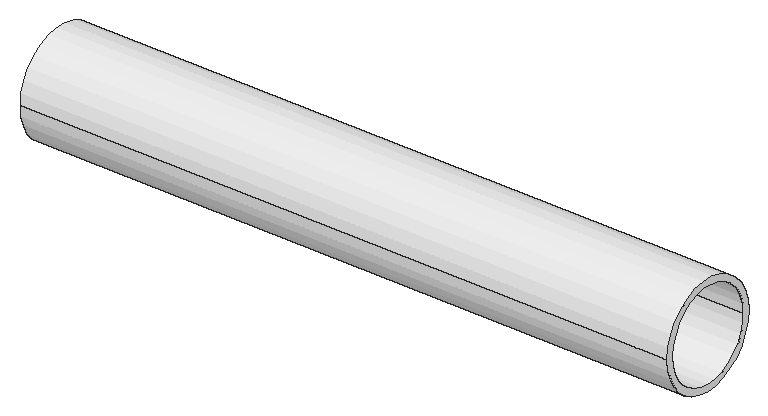
Revit family
Parameters (values of type "HSS190.5X12.7")
  t = 11.8 mm
  W = 0.546
  시작 확장 계산 [instance] = 3012.5 mm + 시작 확장  # 3000 mm
  시작 확장 [instance] = -12.5 mm
  Length [instance] = 1500 mm
  OD = 191 mm
  끝 확장 계산 [instance] = 3012.5 mm + 끝 확장  # 3000 mm
  끝 확장 [instance] = -12.5 mm
  보 재료 [instance] = 금속 - 스틸 - 345 MPa
  Assembly Code = ""
  A = 0.00663 m²
Reference planes
  plane 1 "중심(앞/뒤)": y = 0
  plane 2: z = 0
  plane 3 "중심(왼쪽/오른쪽)": x = 4.61
  plane 4 "왼쪽 부재": x = -604.99
  plane 5 "오른쪽 부재": x = 614.21
  plane 6: y = 95.5
  plane 7: y = -95.5
  plane 8 "상단": z = 95.5
  plane 9: z = -95.5
  plane 10 "왼쪽": x = -757.39
  plane 11 "오른쪽": x = 742.61
  plane 12: x = -604.99
  plane 13: x = 614.21
  plane 14: x = 2395.01
  plane 15: x = -2385.79
Forms (mm)
  Extrusion 1, solid, material "금속 - 스틸 - 345 MPa" <- "보 재료", detail levels medium+fine
    sketch origin (4.61, 0, 0) x (0, 1, 0) y (0, 0, 1)
      loop
        circle (0, 0) r 95.5
      loop
        circle (0, 0) r 83.7
    from -609.6 to 609.6
Lines and regions (mm)
  symbolic lines, style "기호 부착", detail levels coarse
    curve 1: arc (0, 95.5, 0) -> (0, 0, -95.5) -> (0, -95.5, 0) r 95.5
    curve 2: arc (0, -95.5, 0) -> (0, 0, 95.5) -> (0, 95.5, 0) r 95.5
Dimensions and locks
  "OD": plane 6 to plane 7
  "OD": plane 9 to plane 8 "상단"
  equal spacing: plane 9, plane 2, plane 8 "상단"
  equal spacing: plane 6, plane 1 "중심(앞/뒤)", plane 7
  "Length": plane 10 "왼쪽" to plane 11 "오른쪽"
  "t": plane 6 to Extrusion 1 sketch curve
  "t": Extrusion 1 sketch curve to plane 7
  "시작 확장 계산": plane 12 to plane 14
  "끝 확장 계산": plane 15 to plane 13
  locked: plane 4 "왼쪽 부재" to plane 14 at 3000
  locked: plane 15 to plane 5 "오른쪽 부재" at 3000
  aligned and locked: plane 12 to Extrusion 1
  aligned and locked: Extrusion 1 to plane 13
Automatic sketch dimensions
  curve 1 to level = 0 mm
  curve 1 to plane 7 = 0 mm
  curve 1 to plane 1 "중심(앞/뒤)" = 0 mm
  Extrusion 1 sketch curve to Extrusion 1 sketch curve = 0 mm  (x2)
  Extrusion 1 sketch curve to level = 0 mm
  Extrusion 1 sketch curve to plane 7 = 0 mm
